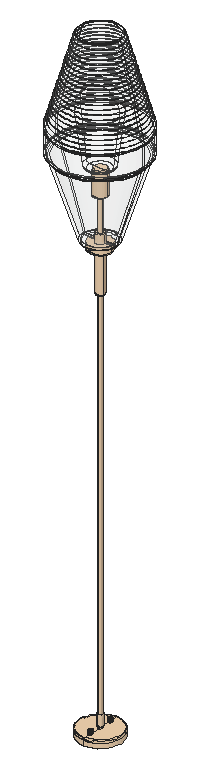
Revit family "Light_Fixture-Pendant-KOHLER-Simplice-K-42195_1", category Lighting Fixtures, host Face, Revit 2021 (continued)
Definition of nested family "K-42195_Tube"
  Automatic sketch dimensions
    Extrusion 30 sketch curve to Extrusion 30 sketch curve = 0.01207"
    Extrusion 30 sketch curve to Extrusion 30 sketch curve = 0.02414"
    Extrusion 30 sketch curve to Extrusion 30 sketch curve = 0.057"
    Extrusion 30 sketch curve to Extrusion 30 sketch curve = 0"
    Extrusion 30 sketch curve to Extrusion 30 sketch curve = 0.0285"
    plane 3 "Light Source Axis (L/R)" to Extrusion 31 sketch curve = 0.08951"
    Extrusion 31 sketch curve to plane 13 = 0.17471"
    Extrusion 31 sketch curve to Extrusion 31 sketch curve = 0.01207"
    Extrusion 31 sketch curve to Extrusion 31 sketch curve = 0.02414"
    Extrusion 31 sketch curve to Extrusion 31 sketch curve = 0.057"
    Extrusion 31 sketch curve to Extrusion 31 sketch curve = 0"
    Extrusion 31 sketch curve to Extrusion 31 sketch curve = 0.0285"
    plane 3 "Light Source Axis (L/R)" to Extrusion 32 sketch curve = 0.1342"
    Extrusion 32 sketch curve to plane 13 = 0.14327"
    Extrusion 32 sketch curve to Extrusion 32 sketch curve = 0.01207"
    Extrusion 32 sketch curve to Extrusion 32 sketch curve = 0.02414"
    Extrusion 32 sketch curve to Extrusion 32 sketch curve = 0.057"
    Extrusion 32 sketch curve to Extrusion 32 sketch curve = 0"
    Extrusion 32 sketch curve to Extrusion 32 sketch curve = 0.0285"
    Extrusion 33 sketch curve to plane 13 = 0.10502"
    plane 3 "Light Source Axis (L/R)" to Extrusion 33 sketch curve = 0.16585"
    Extrusion 33 sketch curve to Extrusion 33 sketch curve = 0.01207"
    Extrusion 33 sketch curve to Extrusion 33 sketch curve = 0.02414"
    Extrusion 33 sketch curve to Extrusion 33 sketch curve = 0.057"
    Extrusion 33 sketch curve to Extrusion 33 sketch curve = 0"
    Extrusion 33 sketch curve to Extrusion 33 sketch curve = 0.0285"
    Extrusion 34 sketch curve to plane 13 = 0.05524"
    plane 3 "Light Source Axis (L/R)" to Extrusion 34 sketch curve = 0.18838"
    Extrusion 34 sketch curve to Extrusion 34 sketch curve = 0.01207"
    Extrusion 34 sketch curve to Extrusion 34 sketch curve = 0.02414"
    Extrusion 34 sketch curve to Extrusion 34 sketch curve = 0.057"
    Extrusion 34 sketch curve to Extrusion 34 sketch curve = 0"
    Extrusion 34 sketch curve to Extrusion 34 sketch curve = 0.0285"
    Extrusion 35 sketch curve to plane 13 = 0.00579"
    plane 3 "Light Source Axis (L/R)" to Extrusion 35 sketch curve = 0.19622"
    Extrusion 35 sketch curve to Extrusion 35 sketch curve = 0.01207"
    Extrusion 35 sketch curve to Extrusion 35 sketch curve = 0.02414"
    Extrusion 35 sketch curve to Extrusion 35 sketch curve = 0.057"
    Extrusion 35 sketch curve to Extrusion 35 sketch curve = 0"
    Extrusion 35 sketch curve to Extrusion 35 sketch curve = 0.0285"
    plane 13 to Extrusion 36 sketch curve = 0.04852"
    plane 3 "Light Source Axis (L/R)" to Extrusion 36 sketch curve = 0.19022"
    Extrusion 36 sketch curve to Extrusion 36 sketch curve = 0.01207"
    Extrusion 36 sketch curve to Extrusion 36 sketch curve = 0.02414"
    Extrusion 36 sketch curve to Extrusion 36 sketch curve = 0.057"
    Extrusion 36 sketch curve to Extrusion 36 sketch curve = 0"
    Extrusion 36 sketch curve to Extrusion 36 sketch curve = 0.0285"
    plane 13 to Extrusion 37 sketch curve = 0.10617"
    plane 3 "Light Source Axis (L/R)" to Extrusion 37 sketch curve = 0.16512"
    Extrusion 37 sketch curve to Extrusion 37 sketch curve = 0.01207"
    Extrusion 37 sketch curve to Extrusion 37 sketch curve = 0.02414"
    Extrusion 37 sketch curve to Extrusion 37 sketch curve = 0.057"
    Extrusion 37 sketch curve to Extrusion 37 sketch curve = 0"
    Extrusion 37 sketch curve to Extrusion 37 sketch curve = 0.0285"
    plane 3 "Light Source Axis (L/R)" to Extrusion 38 sketch curve = 0.12946"
    plane 13 to Extrusion 38 sketch curve = 0.14757"
    Extrusion 38 sketch curve to Extrusion 38 sketch curve = 0.01207"
    Extrusion 38 sketch curve to Extrusion 38 sketch curve = 0.02414"
    Extrusion 38 sketch curve to Extrusion 38 sketch curve = 0.057"
    Extrusion 38 sketch curve to Extrusion 38 sketch curve = 0"
    Extrusion 38 sketch curve to Extrusion 38 sketch curve = 0.0285"
    plane 3 "Light Source Axis (L/R)" to Extrusion 39 sketch curve = 0.08792"
    plane 13 to Extrusion 39 sketch curve = 0.17552"
    Extrusion 39 sketch curve to Extrusion 39 sketch curve = 0.01207"
    Extrusion 39 sketch curve to Extrusion 39 sketch curve = 0.02414"
    Extrusion 39 sketch curve to Extrusion 39 sketch curve = 0.057"
    Extrusion 39 sketch curve to Extrusion 39 sketch curve = 0"
    Extrusion 39 sketch curve to Extrusion 39 sketch curve = 0.0285"
    plane 3 "Light Source Axis (L/R)" to Extrusion 40 sketch curve = 0.03613"
    plane 13 to Extrusion 40 sketch curve = 0.19296"
    Extrusion 40 sketch curve to Extrusion 40 sketch curve = 0.01207"
    Extrusion 40 sketch curve to Extrusion 40 sketch curve = 0.02414"
    Extrusion 40 sketch curve to Extrusion 40 sketch curve = 0.057"
    Extrusion 40 sketch curve to Extrusion 40 sketch curve = 0"
    Extrusion 40 sketch curve to Extrusion 40 sketch curve = 0.0285"
    Extrusion 41 sketch curve to plane 3 "Light Source Axis (L/R)" = 0.01343"
    plane 13 to Extrusion 41 sketch curve = 0.19585"
    Extrusion 41 sketch curve to Extrusion 41 sketch curve = 0.01207"
    Extrusion 41 sketch curve to Extrusion 41 sketch curve = 0.02414"
    Extrusion 41 sketch curve to Extrusion 41 sketch curve = 0.057"
    Extrusion 41 sketch curve to Extrusion 41 sketch curve = 0"
    Extrusion 41 sketch curve to Extrusion 41 sketch curve = 0.0285"
    Extrusion 42 sketch curve to plane 3 "Light Source Axis (L/R)" = 0.0669"
    plane 13 to Extrusion 42 sketch curve = 0.18456"
    Extrusion 42 sketch curve to Extrusion 42 sketch curve = 0.01207"
    Extrusion 42 sketch curve to Extrusion 42 sketch curve = 0.02414"
    Extrusion 42 sketch curve to Extrusion 42 sketch curve = 0.057"
    Extrusion 42 sketch curve to Extrusion 42 sketch curve = 0"
    Extrusion 42 sketch curve to Extrusion 42 sketch curve = 0.0285"
    Extrusion 43 sketch curve to plane 3 "Light Source Axis (L/R)" = 0.11141"
    plane 13 to Extrusion 43 sketch curve = 0.16164"
    Extrusion 43 sketch curve to Extrusion 43 sketch curve = 0.01207"
    Extrusion 43 sketch curve to Extrusion 43 sketch curve = 0.02414"
    Extrusion 43 sketch curve to Extrusion 43 sketch curve = 0.057"
    Extrusion 43 sketch curve to Extrusion 43 sketch curve = 0"
    Extrusion 43 sketch curve to Extrusion 43 sketch curve = 0.0285"
    plane 13 to Extrusion 44 sketch curve = 0.12467"
    Extrusion 44 sketch curve to plane 3 "Light Source Axis (L/R)" = 0.15164"
    Extrusion 44 sketch curve to Extrusion 44 sketch curve = 0.01207"
    Extrusion 44 sketch curve to Extrusion 44 sketch curve = 0.02414"
    Extrusion 44 sketch curve to Extrusion 44 sketch curve = 0.057"
    Extrusion 44 sketch curve to Extrusion 44 sketch curve = 0"
    Extrusion 44 sketch curve to Extrusion 44 sketch curve = 0.0285"
    plane 13 to Extrusion 45 sketch curve = 0.08312"
    Extrusion 45 sketch curve to plane 3 "Light Source Axis (L/R)" = 0.17784"
    Extrusion 45 sketch curve to Extrusion 45 sketch curve = 0.01207"
    Extrusion 45 sketch curve to Extrusion 45 sketch curve = 0.02414"
    Extrusion 45 sketch curve to Extrusion 45 sketch curve = 0.057"
    Extrusion 45 sketch curve to Extrusion 45 sketch curve = 0"
    Extrusion 45 sketch curve to Extrusion 45 sketch curve = 0.0285"
    plane 13 to Extrusion 46 sketch curve = 0.03088"
    Extrusion 46 sketch curve to plane 3 "Light Source Axis (L/R)" = 0.19387"
    Extrusion 46 sketch curve to Extrusion 46 sketch curve = 0.01207"
    Extrusion 46 sketch curve to Extrusion 46 sketch curve = 0.02414"
    Extrusion 46 sketch curve to Extrusion 46 sketch curve = 0.057"
    Extrusion 46 sketch curve to Extrusion 46 sketch curve = 0"
    Extrusion 46 sketch curve to Extrusion 46 sketch curve = 0.0285"
    Extrusion 47 sketch curve to plane 13 = 0.01917"
    Extrusion 47 sketch curve to plane 3 "Light Source Axis (L/R)" = 0.19537"
    Extrusion 47 sketch curve to Extrusion 47 sketch curve = 0.01207"
    Extrusion 47 sketch curve to Extrusion 47 sketch curve = 0.02414"
    Extrusion 47 sketch curve to Extrusion 47 sketch curve = 0.057"
    Extrusion 47 sketch curve to Extrusion 47 sketch curve = 0"
    Extrusion 47 sketch curve to Extrusion 47 sketch curve = 0.0285"
    Extrusion 48 sketch curve to plane 13 = 0.07228"
    Extrusion 48 sketch curve to plane 3 "Light Source Axis (L/R)" = 0.18252"
    Extrusion 48 sketch curve to Extrusion 48 sketch curve = 0.01207"
    Extrusion 48 sketch curve to Extrusion 48 sketch curve = 0.02414"
    Extrusion 48 sketch curve to Extrusion 48 sketch curve = 0.057"
    Extrusion 48 sketch curve to Extrusion 48 sketch curve = 0"
    Extrusion 48 sketch curve to Extrusion 48 sketch curve = 0.0285"
    Extrusion 49 sketch curve to plane 13 = 0.11576"
    Extrusion 49 sketch curve to plane 3 "Light Source Axis (L/R)" = 0.15855"
    Extrusion 49 sketch curve to Extrusion 49 sketch curve = 0.01207"
    Extrusion 49 sketch curve to Extrusion 49 sketch curve = 0.02414"
    Extrusion 49 sketch curve to Extrusion 49 sketch curve = 0.057"
    Extrusion 49 sketch curve to Extrusion 49 sketch curve = 0"
    Extrusion 49 sketch curve to Extrusion 49 sketch curve = 0.0285"
    Extrusion 50 sketch curve to plane 3 "Light Source Axis (L/R)" = 0.1205"
    Extrusion 50 sketch curve to plane 13 = 0.15497"
    Extrusion 50 sketch curve to Extrusion 50 sketch curve = 0.01207"
    Extrusion 50 sketch curve to Extrusion 50 sketch curve = 0.02414"
    Extrusion 50 sketch curve to Extrusion 50 sketch curve = 0.057"
    Extrusion 50 sketch curve to Extrusion 50 sketch curve = 0"
    Extrusion 50 sketch curve to Extrusion 50 sketch curve = 0.0285"
    Extrusion 51 sketch curve to plane 3 "Light Source Axis (L/R)" = 0.07738"
    Extrusion 51 sketch curve to plane 13 = 0.18042"
    Extrusion 51 sketch curve to Extrusion 51 sketch curve = 0.01207"
    Extrusion 51 sketch curve to Extrusion 51 sketch curve = 0.02414"
    Extrusion 51 sketch curve to Extrusion 51 sketch curve = 0.057"
    Extrusion 51 sketch curve to Extrusion 51 sketch curve = 0"
    Extrusion 51 sketch curve to Extrusion 51 sketch curve = 0.0285"
    plane 1 "Light Source Axis (F/B)" to Extrusion 52 sketch curve = 0"
    Extrusion 52 sketch curve to plane 3 "Light Source Axis (L/R)" = 0"
    Revolve 2 sketch curve to plane 12 = 0"  (x2)
    Revolve 2 sketch curve to plane 7 = 0"
    Revolve 2 sketch curve to Revolve 2 sketch curve = 0.19631"
    plane 7 to Revolve 2 sketch curve = 0.34439"
    plane 7 to Revolve 2 sketch curve = 0.23596"
    Revolve 2 sketch curve to Revolve 2 sketch curve = 0.21023"
    Revolve 28 sketch curve to plane 7 = 0"
    Revolve 28 sketch curve to plane 13 = 0"  (x2)
    Revolve 28 sketch curve to Revolve 28 sketch curve = 0.19631"
    plane 7 to Revolve 28 sketch curve = 0.35282"
    plane 7 to Revolve 28 sketch curve = 0.23596"
    Revolve 28 sketch curve to Revolve 28 sketch curve = 0.2018"
    Masking region 2 sketch curve to plane 18 = 0"
    Masking region 2 sketch curve to plane 7 = 0"  (x4)
    Masking region 2 sketch curve to plane 13 = 0"
    Masking region 2 sketch curve to plane 9 = 0"
    Masking region 2 sketch curve to plane 1 "Light Source Axis (F/B)" = 0"  (x2)
    Masking region 2 sketch curve to level = 0"
    Masking region 2 sketch curve to plane 12 = 0"
    Masking region 2 sketch curve to plane 5 = 0"
    Masking region 2 sketch curve to plane 18 = 0.05906"
    plane 7 to Masking region 2 sketch curve = 0.05997"  (x4)
    Masking region 2 sketch curve to plane 13 = 0.19703"
    Masking region 2 sketch curve to Masking region 2 sketch curve = 0.02796"  (x3)
    Masking region 2 sketch curve to Masking region 2 sketch curve = 0.03172"  (x3)
    plane 13 to Masking region 2 sketch curve = 0.16531"
    plane 13 to Masking region 2 sketch curve = 0.16907"
    plane 1 "Light Source Axis (F/B)" to Masking region 2 sketch curve = 0.35534"
    Masking region 2 sketch curve to Masking region 2 sketch curve = 0.11124"  (x2)
    plane 1 "Light Source Axis (F/B)" to Masking region 2 sketch curve = 0.20303"
    Masking region 2 sketch curve to plane 1 "Light Source Axis (F/B)" = 0.19765"
    Masking region 2 sketch curve to Masking region 2 sketch curve = 0.24409"
    Masking region 2 sketch curve to plane 1 "Light Source Axis (F/B)" = 0.24409"
    Masking region 2 sketch curve to Masking region 2 sketch curve = 0.15769"
    plane 12 to Masking region 2 sketch curve = 0.19703"
    Masking region 2 sketch curve to Masking region 2 sketch curve = 0.16531"
    Masking region 2 sketch curve to plane 12 = 0.16907"
    Masking region 2 sketch curve to Masking region 2 sketch curve = 0.05906"
    Masking region 2 sketch curve to Masking region 2 sketch curve = 0.09843"  (x2)
    plane 7 to Masking region 2 sketch curve = 0.15123"
    plane 7 to Masking region 2 sketch curve = 0.15132"
    Masking region 2 sketch curve to Masking region 2 sketch curve = 0.23281"  (x4)
    Masking region 2 sketch curve to Masking region 2 sketch curve = 0.04484"  (x2)
    Masking region 2 sketch curve to Masking region 2 sketch curve = 0"
    Revolve 1 sketch curve to level = 0"
    Revolve 1 sketch curve to plane 1 "Light Source Axis (F/B)" = 0"  (x2)
    Revolve 1 sketch curve to plane 7 = 0"  (x2)
    Revolve 1 sketch curve to plane 5 = 0"
    Revolve 1 sketch curve to plane 1 "Light Source Axis (F/B)" = 0.14991"
    Revolve 1 sketch curve to Revolve 1 sketch curve = 0.18701"
    Revolve 1 sketch curve to Revolve 1 sketch curve = 0.04921"
    Revolve 1 sketch curve to Revolve 1 sketch curve = 0.14537"
    Revolve 1 sketch curve to plane 5 = 0.05906"
    Revolve 1 sketch curve to Revolve 1 sketch curve = 0.19685"
    plane 7 to Revolve 1 sketch curve = 0.12373"  (x2)
    Revolve 1 sketch curve to level = 0.17798"
    Revolve 1 sketch curve to Revolve 1 sketch curve = 0.69163"
    Masking region 1 sketch curve to level = 0"
    Masking region 1 sketch curve to plane 6 = 0"
    Masking region 1 sketch curve to plane 7 = 0"  (x2)
    Masking region 1 sketch curve to plane 3 "Light Source Axis (L/R)" = 0"  (x2)
    plane 16 to Masking region 1 sketch curve = 0"
    plane 6 to Masking region 1 sketch curve = 0.05906"
    Masking region 1 sketch curve to plane 3 "Light Source Axis (L/R)" = 0.36124"
    Masking region 1 sketch curve to plane 3 "Light Source Axis (L/R)" = 0.26222"
    Masking region 1 sketch curve to Masking region 1 sketch curve = 0.11124"
    Masking region 1 sketch curve to Masking region 1 sketch curve = 0.14588"  (x2)
    plane 3 "Light Source Axis (L/R)" to Masking region 1 sketch curve = 0.21536"
    plane 3 "Light Source Axis (L/R)" to Masking region 1 sketch curve = 1/4"
    Masking region 1 sketch curve to Masking region 1 sketch curve = 3/64"
    plane 16 to Masking region 1 sketch curve = 0.05906"
    Masking region 1 sketch curve to Masking region 1 sketch curve = 0.09819"  (x2)
    Masking region 1 sketch curve to Masking region 1 sketch curve = 0.12052"  (x2)
    Revolve 1 sketch curve to Revolve 1 sketch curve = 1.11809"
    plane 7 to Revolve 3 sketch curve = 1.33254"
    Revolve 3 sketch curve to Revolve 3 sketch curve = 0.15658"
    Masking region 1 sketch curve to Masking region 1 sketch curve = 1.15866"
    Masking region 1 sketch curve to Masking region 1 sketch curve = 0"
    Masking region 2 sketch curve to Masking region 2 sketch curve = 1.07778"
    curve 1 to plane 6 = 0"
    curve 2 to plane 7 = 0"
    curve 25 to plane 3 "Light Source Axis (L/R)" = 0"
    curve 48 to plane 3 "Light Source Axis (L/R)" = 0"
    plane 20 to curve 6 = 0"
    plane 16 to curve 1 = 0"
    curve 88 to plane 7 = 0"
    plane 19 to curve 95 = 0.05375"
    curve 4 to curve 7 = 0.0099"
    curve 7 to curve 95 = 0.01228"
    curve 7 to curve 23 = 0.01259"
    curve 23 to curve 8 = 0.00308"
    curve 8 to curve 9 = 0.01581"
    curve 17 to curve 24 = 0.00308"
    curve 19 to curve 10 = 0.00758"
    curve 24 to curve 14 = 0.00758"
    curve 14 to curve 18 = 0.00501"
    curve 22 to curve 16 = 0.00039"
    curve 18 to curve 12 = 0.00039"
    curve 12 to curve 29 = 0.00606"
    curve 29 to curve 11 = 0.01666"
    curve 42 to curve 15 = 0.01666"
    plane 7 to curve 28 = 0.00728"
    curve 15 to curve 28 = 0.00133"
    curve 11 to curve 19 = 0.00643"
    curve 15 to curve 21 = 0.00643"
    curve 19 to curve 32 = 0.00119"
    curve 32 to curve 38 = 0.0056"
    curve 43 to curve 42 = 0.0056"
    curve 38 to curve 26 = 0.0088"
    curve 42 to curve 45 = 0.0088"
    curve 28 to curve 30 = 0.02483"
    curve 45 to curve 33 = 0.0084"
    curve 33 to curve 20 = 0.00413"
    curve 44 to curve 22 = 0.00413"
    curve 20 to curve 31 = 0.00289"
    curve 22 to curve 43 = 0.00289"
    curve 43 to curve 17 = 0.00088"
    curve 31 to curve 13 = 0.00088"
    curve 43 to curve 44 = 0.0199"
    curve 13 to curve 27 = 0.01902"
    curve 31 to curve 41 = 0.03145"
    curve 27 to curve 34 = 0.00349"
    curve 34 to curve 46 = 0.00101"
    curve 34 to curve 40 = 0.00101"
    curve 40 to curve 35 = 0.00182"
    curve 35 to curve 88 = 0.01544"
    curve 39 to plane 3 "Light Source Axis (L/R)" = 0.02432"
    curve 39 to curve 67 = 0.0017"
    curve 88 to curve 36 = 0.01724"
    curve 36 to curve 37 = 0.00401"
    curve 48 to curve 47 = 0.0059"
    plane 3 "Light Source Axis (L/R)" to curve 87 = 0.00985"
    plane 3 "Light Source Axis (L/R)" to curve 79 = 0.01575"
    curve 79 to curve 78 = 0.00401"
    curve 78 to curve 89 = 0.00053"
    curve 89 to curve 25 = 0.00233"
    curve 78 to curve 48 = 0.01724"
    curve 48 to curve 77 = 0.01544"
    curve 77 to curve 81 = 0.00182"
    curve 87 to curve 86 = 0.00182"
    curve 86 to curve 76 = 0.00101"
    curve 85 to curve 84 = 0.00349"
    curve 76 to curve 69 = 0.00349"
    curve 69 to curve 55 = 0.01902"
    curve 84 to curve 59 = 0.01902"
    curve 55 to curve 73 = 0.00088"
    curve 59 to curve 83 = 0.00088"
    curve 83 to curve 64 = 0.00289"
    curve 73 to curve 62 = 0.00289"
    curve 83 to curve 75 = 0.00702"
    curve 69 to curve 72 = 0.00426"
    curve 75 to curve 85 = 0.0084"
    curve 75 to curve 68 = 0.0084"
    curve 68 to curve 80 = 0.0088"
    curve 85 to curve 82 = 0.0088"
    curve 80 to curve 74 = 0.0056"
    curve 74 to curve 61 = 0.00119"
    curve 83 to curve 63 = 0.00119"
    curve 73 to curve 70 = 0.02483"
    curve 73 to curve 53 = 0.00762"
    curve 83 to curve 57 = 0.00762"
    curve 53 to curve 71 = 0.01666"
    curve 71 to curve 54 = 0.00606"
    curve 82 to curve 58 = 0.00606"
    curve 58 to curve 60 = 0.00039"
    curve 64 to curve 56 = 0.00501"
    curve 60 to curve 52 = 0.00501"
    curve 56 to curve 66 = 0.00758"
    curve 66 to curve 51 = 0.00308"
    curve 51 to curve 50 = 0.01581"
    curve 50 to curve 65 = 0.00308"
    curve 65 to curve 97 = 0.0003"
    curve 65 to curve 49 = 0.01259"
    curve 56 to curve 98 = 0.0099"
    plane 7 to curve 70 = 0.00728"
    plane 7 to curve 30 = 0.00871"
    plane 7 to curve 72 = 0.00871"
    plane 7 to curve 44 = 0.02489"
    plane 7 to curve 84 = 0.02489"
    curve 84 to curve 76 = 0.00361"
    curve 44 to curve 34 = 0.00361"
    curve 75 to curve 82 = 0.00581"
    curve 33 to curve 42 = 0.00581"
    curve 78 to curve 79 = 0.00869"
    curve 36 to curve 37 = 0.00869"
    curve 33 to curve 45 = 0.00011"
    curve 75 to curve 85 = 0.00011"
    plane 7 to curve 98 = 0.03443"
    plane 7 to curve 4 = 0.03443"
    curve 47 to curve 48 = 0.0029"
    curve 87 to curve 88 = 0.0029"
    curve 84 to curve 83 = 0.00757"
    curve 44 to curve 43 = 0.00757"
    curve 43 to curve 22 = 0.00193"
    curve 57 to curve 83 = 0.00085"
    curve 82 to curve 58 = 0.00369"
    curve 51 to curve 58 = 0"
    curve 4 to curve 7 = 0.00396"
    curve 8 to curve 7 = 0"
    curve 9 to curve 18 = 0"
    curve 23 to curve 16 = 0"
    curve 24 to curve 17 = 0"
    curve 5 to curve 49 = 0.00396"
    curve 60 to curve 58 = 0"
    curve 66 to curve 59 = 0"
    curve 83 to curve 63 = 0.00631"
    curve 64 to curve 56 = 0.00716"
    curve 18 to curve 14 = 0.00716"
    curve 32 to curve 21 = 0.00631"
    curve 21 to curve 19 = 0.20831"
    curve 56 to curve 52 = 0.20831"
    curve 61 to curve 52 = 0"
    curve 10 to curve 19 = 0"
    curve 61 to curve 25 = 0.00553"
    curve 67 to curve 25 = 0"
    curve 10 to curve 4 = 0.00581"
    curve 19 to curve 32 = 0.00634"
    curve 61 to curve 74 = 0.00634"
    curve 25 to curve 79 = 0.0014"
    curve 10 to curve 12 = 0.00716"
    curve 32 to curve 20 = 0.00082"
    curve 73 to curve 53 = 0.00082"
    curve 13 to curve 20 = 0"
    curve 52 to curve 51 = 0.00716"
    curve 50 to curve 53 = 0"
    curve 49 to curve 65 = 0"
    curve 60 to curve 54 = 0"
    curve 23 to curve 12 = 0"
    curve 24 to curve 9 = 0"
    curve 4 to curve 7 = 0.00135"
    curve 66 to curve 55 = 0"
    curve 62 to curve 68 = 0.00073"
    curve 20 to curve 26 = 0.00073"
    curve 25 to curve 89 = 0.00244"
    curve 13 to curve 35 = 0.00081"
    curve 78 to curve 89 = 0"
    curve 67 to curve 36 = 0.00244"
    curve 54 to curve 71 = 0.00081"
    curve 32 to curve 38 = 0.00164"
    curve 20 to curve 33 = 0.00083"
    curve 62 to curve 75 = 0.00083"
    curve 40 to curve 34 = 0.0004"
    curve 81 to curve 76 = 0.0004"
    curve 13 to curve 31 = 0.00196"
    curve 55 to curve 73 = 0.00196"
    curve 76 to curve 69 = 0.00361"
    curve 26 to curve 27 = 0.00361"
    curve 52 to curve 97 = 0.00325"
    curve 27 to curve 41 = 0.01702"
    curve 2 to plane 19 = 0.05779"
    curve 6 to plane 19 = 0.02309"
    curve 105 to plane 19 = 0.01222"
    curve 96 to curve 14 = 0.00129"
    curve 41 to curve 39 = 0"
    curve 57 to curve 98 = 0.00129"
    curve 106 to plane 20 = 0.01222"
    curve 2 to plane 20 = 0.03276"
    curve 1 to plane 7 = 0.05906"
    curve 5 to curve 106 = 0.08609"
    curve 7 to curve 105 = 0.08213"
    curve 97 to curve 52 = 0.00135"
    curve 97 to curve 5 = 0.00215"
    curve 3 to curve 6 = 1.12308"
    curve 93 to plane 7 = 0"
    curve 238 to plane 13 = 0"
    curve 237 to plane 13 = 0"
    curve 92 to plane 7 = 0"
    curve 92 to plane 22 = 0"
    curve 92 to plane 21 = 0"
    curve 91 to plane 7 = 0"
    curve 170 to plane 12 = 0"
    curve 172 to plane 12 = 0"
    curve 174 to plane 13 = 0.01486"
    curve 175 to curve 174 = 0.00815"
    curve 177 to plane 13 = 0.02756"
    curve 178 to curve 174 = 0.03219"
    plane 7 to curve 184 = 0.01386"
    curve 184 to curve 175 = 0.03015"
    curve 181 to curve 176 = 0.03015"
    curve 183 to curve 180 = 0.02404"
    plane 7 to curve 189 = 0.01386"
    curve 189 to curve 180 = 0.02896"
    curve 187 to curve 181 = 0.02896"
    curve 188 to curve 185 = 0.02404"
    plane 7 to curve 194 = 0.01386"
    curve 194 to curve 185 = 0.02871"
    curve 191 to curve 186 = 0.02871"
    curve 193 to curve 190 = 0.02404"
    plane 7 to curve 199 = 0.01386"
    curve 199 to curve 190 = 0.02965"
    curve 196 to curve 191 = 0.02965"
    curve 198 to curve 195 = 0.02404"
    curve 201 to curve 196 = 0.01971"
    curve 201 to curve 197 = 0.00583"
    plane 7 to curve 204 = 0.06542"
    curve 204 to curve 198 = 0.02987"
    plane 13 to curve 205 = 0.01486"
    plane 13 to curve 210 = 0.02301"
    plane 13 to curve 208 = 0.02756"
    curve 206 to curve 208 = 0.02404"
    plane 7 to curve 215 = 0.01386"
    curve 206 to curve 215 = 0.03015"
    curve 207 to curve 212 = 0.03015"
    curve 209 to curve 215 = 0.03015"
    curve 213 to curve 216 = 0.00491"
    curve 212 to curve 218 = 0.02896"
    curve 214 to curve 219 = 0.02896"
    plane 7 to curve 225 = 0.01386"
    curve 216 to curve 225 = 0.02871"
    curve 217 to curve 222 = 0.02871"
    curve 221 to curve 224 = 0.02404"
    plane 7 to curve 230 = 0.01386"
    curve 221 to curve 230 = 0.02965"
    curve 222 to curve 227 = 0.02965"
    plane 7 to curve 230 = 0.06542"
    curve 224 to curve 230 = 0.02965"
    curve 227 to curve 233 = 0.01971"
    curve 228 to curve 231 = 0.00583"
    curve 231 to curve 233 = 0.02404"
    plane 7 to curve 169 = 0.06542"
    plane 12 to curve 169 = 0.19439"
    plane 7 to curve 169 = 0.01386"
    curve 168 to curve 169 = 0.02404"
    curve 165 to curve 167 = 0.00562"
    curve 168 to curve 163 = 0.02987"
    curve 166 to curve 161 = 0.01971"
    plane 7 to curve 160 = 0.01386"
    curve 165 to curve 160 = 0.02987"
    curve 160 to curve 158 = 0.00561"
    curve 161 to curve 157 = 0.02965"
    curve 157 to curve 155 = 0.02404"
    curve 155 to curve 152 = 0.00467"
    curve 156 to curve 151 = 0.02871"
    curve 152 to curve 150 = 0.02404"
    curve 150 to curve 148 = 0.00491"
    curve 151 to curve 146 = 0.02896"
    curve 147 to curve 146 = 0.02404"
    curve 145 to curve 142 = 0.00611"
    plane 12 to curve 141 = 0.02756"
    plane 12 to curve 141 = 0.02301"
    curve 140 to curve 171 = 0.00815"
    curve 172 to plane 12 = 0.01486"
    curve 100 to curve 101 = 0.00815"
    curve 101 to curve 107 = 0.00147"
    curve 103 to plane 12 = 0.02756"
    curve 100 to curve 104 = 0.03219"
    curve 101 to curve 109 = 0.03015"
    plane 7 to curve 113 = 0.01701"
    curve 109 to curve 113 = 0.00147"
    curve 102 to curve 111 = 0.03015"
    curve 109 to curve 112 = 0.02404"
    curve 111 to curve 115 = 0.00491"
    plane 7 to curve 120 = 0.01701"
    curve 115 to curve 120 = 0.00147"
    curve 110 to curve 116 = 0.02896"
    curve 112 to curve 120 = 0.02896"
    plane 7 to curve 125 = 0.0299"
    curve 115 to curve 125 = 0.02871"
    plane 7 to curve 125 = 0.01701"
    curve 121 to curve 125 = 0.00147"
    curve 116 to curve 123 = 0.02871"
    curve 121 to curve 124 = 0.02404"
    curve 121 to curve 127 = 0.02965"
    plane 7 to curve 132 = 0.01701"
    curve 127 to curve 132 = 0.00147"
    curve 122 to curve 128 = 0.02965"
    curve 124 to curve 130 = 0.02965"
    curve 128 to curve 135 = 0.01971"
    curve 129 to curve 133 = 0.00583"
    plane 7 to curve 137 = 0.01701"
    curve 133 to curve 137 = 0.00147"
    curve 133 to curve 136 = 0.02404"
    plane 7 to curve 238 = 0.01275"
    plane 7 to curve 173 = 0.01275"
    plane 7 to curve 155 = 0.01386"
    plane 7 to curve 220 = 0.01386"
    plane 7 to curve 206 = 0.01386"
    plane 7 to curve 179 = 0.01386"
    plane 7 to curve 154 = 0.01386"
    plane 7 to curve 149 = 0.01386"
    plane 7 to curve 144 = 0.01386"
    plane 7 to curve 231 = 0.01386"
    plane 7 to curve 108 = 0.01701"
    curve 113 to curve 113 = 0.01289"
    curve 107 to curve 107 = 0.01289"
    curve 131 to curve 127 = 0.01289"
    curve 119 to curve 119 = 0.01289"
    curve 137 to curve 133 = 0.01289"
    curve 101 to curve 100 = 0.02367"
    curve 206 to curve 205 = 0.03971"
    curve 174 to curve 205 = 0"
    curve 139 to curve 100 = 0"
    curve 205 to curve 209 = 0.01184"
    curve 133 to curve 136 = 0.03551"
    curve 203 to curve 199 = 0"
    curve 132 to curve 136 = 0"
    curve 221 to curve 220 = 0.05156"
    curve 229 to curve 235 = 0"
    curve 100 to curve 104 = 0.01184"
    curve 174 to curve 178 = 0.01184"
    curve 139 to curve 143 = 0.01184"
    curve 104 to curve 114 = 0"
    curve 215 to curve 219 = 0"
    curve 112 to curve 118 = 0"
    curve 219 to curve 224 = 0"
    curve 118 to curve 126 = 0"
    curve 148 to curve 143 = 0"
    curve 190 to curve 188 = 0.05156"
    curve 194 to curve 188 = 0"
    curve 188 to curve 183 = 0"
    curve 168 to curve 164 = 0"
    curve 153 to curve 148 = 0"
    curve 158 to curve 153 = 0"
    curve 158 to curve 157 = 0.22595"
    curve 193 to curve 192 = 0.22595"
    curve 162 to curve 157 = 0"
    curve 168 to curve 162 = 0"
    curve 157 to curve 111 = 0"
    curve 157 to curve 153 = 0"
    curve 229 to curve 228 = 0.22595"
    curve 152 to curve 148 = 0"
    curve 224 to curve 228 = 0"
    curve 147 to curve 142 = 0"
    curve 197 to curve 192 = 0"
    curve 104 to curve 111 = 0"
    curve 111 to curve 136 = 0"
    curve 192 to curve 188 = 0"
    curve 111 to curve 117 = 0"
    curve 209 to curve 223 = 0"
    curve 218 to curve 223 = 0"
    curve 130 to curve 135 = 0"
    curve 187 to curve 177 = 0"
    curve 228 to curve 233 = 0"
    curve 214 to curve 218 = 0"
    curve 117 to curve 124 = 0"
    curve 202 to curve 197 = 0"
    curve 187 to curve 182 = 0"
    curve 177 to curve 180 = 0.0019"
    curve 182 to curve 185 = 0.0019"
    curve 177 to curve 176 = 0.0019"
    curve 218 to curve 221 = 0.0019"
    curve 162 to curve 166 = 0.0019"
    curve 157 to curve 161 = 0.0019"
    curve 187 to curve 190 = 0.0019"
    curve 213 to curve 217 = 0.0019"
    curve 223 to curve 226 = 0.0019"
    curve 152 to curve 156 = 0.0019"
    curve 147 to curve 151 = 0.0019"
    curve 192 to curve 195 = 0.0019"
    curve 142 to curve 146 = 0.0019"
    curve 142 to curve 141 = 0.0019"
    curve 228 to curve 231 = 0.0019"
    curve 129 to curve 134 = 0.0019"
    curve 197 to curve 200 = 0.0019"
    curve 123 to curve 128 = 0.0019"
    curve 117 to curve 122 = 0.0019"
    curve 111 to curve 116 = 0.0019"
    curve 208 to curve 211 = 0.0019"
    curve 103 to curve 110 = 0.0019"
    curve 103 to curve 102 = 0.0019"
    curve 208 to curve 206 = 0.0019"
    curve 140 to curve 171 = 0.00171"
    curve 101 to curve 170 = 0.00171"
    curve 175 to curve 236 = 0.00171"
    curve 206 to curve 237 = 0.00171"
    curve 174 to curve 237 = 0.03573"
    curve 100 to curve 170 = 0.03573"
    curve 170 to curve 103 = 0.00247"
    curve 195 to curve 197 = 0.03991"
    curve 196 to curve 192 = 0"
    curve 216 to curve 217 = 0.03991"
    curve 191 to curve 187 = 0"
    curve 186 to curve 182 = 0"
    curve 236 to curve 177 = 0.00247"
    curve 102 to curve 110 = 0"
    curve 236 to curve 207 = 0.00247"
    curve 217 to curve 222 = 0"
    curve 213 to curve 217 = 0"
    curve 160 to curve 162 = 0.03991"
    curve 161 to curve 157 = 0"
    curve 222 to curve 227 = 0"
    curve 156 to curve 152 = 0"
    curve 151 to curve 147 = 0"
    curve 170 to curve 142 = 0.00247"
    curve 110 to curve 116 = 0"
    curve 116 to curve 122 = 0"
    curve 122 to curve 129 = 0"
    curve 227 to curve 232 = 0.00006"
    curve 128 to curve 134 = 0.00006"
    curve 161 to curve 166 = 0.00006"
    curve 196 to curve 202 = 0.00006"
    plane 7 to curve 204 = 0.01386"
    curve 93 to curve 200 = 0.0265"
    curve 90 to plane 18 = 0.00134"
    curve 231 to curve 93 = 0.0265"
    plane 22 to curve 99 = 0.08533"
    plane 22 to curve 94 = 0.00256"
    plane 21 to curve 94 = 0.0026"
    plane 21 to curve 99 = 0.01703"
    curve 91 to curve 165 = 0.02668"
    curve 137 to curve 91 = 0.02521"
    plane 5 to curve 90 = 0.00134"
    curve 90 to plane 7 = 0.05906"
    plane 7 to curve 94 = 0.15206"
    curve 94 to curve 99 = 1.22764"
    radius of Extrusion 52 sketch curve = 0.18403"
Definition of nested family "K-42195"
  Parameters (values of type "K-42195")
    Material = none
    Default Elevation = 0"
  Reference planes (in)
    plane 1 "Light Source Axis (F/B)": y = -8.60801
    plane 2: z = 0
    plane 3 "Light Source Axis (L/R)": x = 0
    plane 4 "Light Source Elevation": z = 17.80159
    plane 5: z = 0
    plane 6: x = -5
    plane 7: x = 5
    plane 8: y = -3.60801
    plane 9: y = -13.60801
    plane 10: z = 26.25984
    plane 11: z = 4.51181
    plane 12: z = 5.25984
    plane 13: z = 0
  Forms (in)
    Revolve 1, solid, material <- "Material", detail levels medium+fine
      sketch origin (0, -8.60801, 0) x (1, 0, 0) y (0, 0, 1)
        loop
          line (0, 0) -> (0, 4.51181) -> (0, 5.25984) -> (-1.25314, 5.25984) -> (-1.25314, 4.58343)
          arc (-1.25314, 4.58343) -> (-1.23216, 4.53279) -> (-1.18152, 4.51181) r 0.07161
          line (-1.18152, 4.51181) -> (-0.44071, 4.51181) -> (-0.44071, 0.06801)
          arc (-0.44071, 0.06801) -> (-0.42079, 0.01992) -> (-0.37271, 0) r 0.06801
          line (-0.37271, 0) -> (0, 0)
        axis (0, 0) -> (0, 5.25984)
      angle from 0 to 360
    Revolve 2, solid
      sketch origin (0, -8.60801, 0) x (1, 0, 0) y (0, 0, 1)
        loop
          line (0, 5.25992) -> (0, 5.49564) -> (-1.68402, 5.49564) -> (-4.42137, 13.92035) -> (-4.78952, 14.28849) -> (-4.78952, 16.54963) -> (-1.97043, 26.25984) -> (-2.1868, 26.25984)
          arc (-2.1868, 26.25984) -> (-2.20596, 26.25191) -> (-2.21389, 26.23275) r 0.02709
          line (-2.21389, 26.23275) -> (-2.21389, 26.19138)
          arc (-2.21389, 26.19138) -> (-2.21925, 26.17246) -> (-2.23372, 26.15915) r 0.03611
          arc (-2.23372, 26.15915) -> (-2.38075, 25.98385) -> (-2.35516, 25.75648) r 0.29033
          arc (-2.35516, 25.75648) -> (-2.35343, 25.73764) -> (-2.36645, 25.72392) r 0.02291
          arc (-2.36645, 25.72392) -> (-2.51951, 25.55532) -> (-2.48352, 25.33046) r 0.2629
          arc (-2.48352, 25.33046) -> (-2.47997, 25.31009) -> (-2.49324, 25.29423) r 0.02457
          arc (-2.49324, 25.29423) -> (-2.64184, 25.12182) -> (-2.61274, 24.89607) r 0.27924
          arc (-2.61274, 24.89607) -> (-2.60994, 24.87237) -> (-2.62609, 24.85479) r 0.02861
          arc (-2.62609, 24.85479) -> (-2.77266, 24.69055) -> (-2.7373, 24.47327) r 0.25571
          arc (-2.7373, 24.47327) -> (-2.73295, 24.44926) -> (-2.74819, 24.4302) r 0.02947
          arc (-2.74819, 24.4302) -> (-2.88949, 24.26378) -> (-2.86964, 24.04635) r 0.282
          arc (-2.86964, 24.04635) -> (-2.86653, 24.01211) -> (-2.8888, 23.98593) r 0.04438
          arc (-2.8888, 23.98593) -> (-3.02065, 23.83301) -> (-3.00645, 23.6316) r 0.26491
          arc (-3.00645, 23.6316) -> (-3.00358, 23.58646) -> (-3.03382, 23.55282) r 0.05838
          arc (-3.03382, 23.55282) -> (-3.16988, 23.38704) -> (-3.1277, 23.17676) r 0.25036
          arc (-3.1277, 23.17676) -> (-3.12034, 23.14421) -> (-3.13958, 23.11694) r 0.04107
          arc (-3.13958, 23.11694) -> (-3.26758, 22.95446) -> (-3.25437, 22.74803) r 0.2893
          arc (-3.25437, 22.74803) -> (-3.25149, 22.70386) -> (-3.27875, 22.66899) r 0.06212
          arc (-3.27875, 22.66899) -> (-3.39597, 22.51259) -> (-3.37145, 22.31868) r 0.26054
          arc (-3.37145, 22.31868) -> (-3.36761, 22.28494) -> (-3.38896, 22.25854) r 0.04394
          arc (-3.38896, 22.25854) -> (-3.52345, 22.08886) -> (-3.49264, 21.87455) r 0.27378
          arc (-3.49264, 21.87455) -> (-3.48936, 21.84862) -> (-3.50661, 21.829) r 0.03179
          arc (-3.50661, 21.829) -> (-3.65102, 21.66444) -> (-3.623, 21.4473) r 0.2659
          arc (-3.623, 21.4473) -> (-3.61854, 21.41633) -> (-3.6381, 21.39191) r 0.0393
          arc (-3.6381, 21.39191) -> (-3.77509, 21.22135) -> (-3.74458, 21.00472) r 0.2755
          arc (-3.74458, 21.00472) -> (-3.74153, 20.97944) -> (-3.75863, 20.96057) r 0.03067
          arc (-3.75863, 20.96057) -> (-3.90782, 20.78756) -> (-3.86388, 20.56337) r 0.26122
          arc (-3.86388, 20.56337) -> (-3.86098, 20.54733) -> (-3.87214, 20.53546) r 0.0181
          arc (-3.87214, 20.53546) -> (-4.0268, 20.37319) -> (-3.99131, 20.15185) r 0.25237
          arc (-3.99131, 20.15185) -> (-3.98791, 20.13033) -> (-4.00305, 20.11465) r 0.02443
          arc (-4.00305, 20.11465) -> (-4.16844, 19.94103) -> (-4.12628, 19.70498) r 0.26528
          arc (-4.12628, 19.70498) -> (-4.12092, 19.67941) -> (-4.13718, 19.65896) r 0.03073
          arc (-4.13718, 19.65896) -> (-4.27623, 19.49466) -> (-4.25166, 19.28082) r 0.271
          arc (-4.25166, 19.28082) -> (-4.24809, 19.24942) -> (-4.26859, 19.22537) r 0.03968
          arc (-4.26859, 19.22537) -> (-4.40499, 19.06499) -> (-4.38049, 18.85588) r 0.26365
          arc (-4.38049, 18.85588) -> (-4.37575, 18.81996) -> (-4.398, 18.79137) r 0.04694
          arc (-4.398, 18.79137) -> (-4.52956, 18.6213) -> (-4.49961, 18.40838) r 0.27668
          arc (-4.49961, 18.40838) -> (-4.49648, 18.38171) -> (-4.51432, 18.36164) r 0.0328
          arc (-4.51432, 18.36164) -> (-4.65797, 18.19369) -> (-4.61975, 17.97601) r 0.25905
          arc (-4.61975, 17.97601) -> (-4.61604, 17.9552) -> (-4.62964, 17.93902) r 0.02493
          arc (-4.62964, 17.93902) -> (-4.77941, 17.76508) -> (-4.74724, 17.5378) r 0.27789
          arc (-4.74724, 17.5378) -> (-4.74438, 17.51589) -> (-4.75932, 17.49962) r 0.02614
          arc (-4.75932, 17.49962) -> (-4.9126, 17.32891) -> (-4.87527, 17.10254) r 0.26508
          arc (-4.87527, 17.10254) -> (-4.86995, 17.07854) -> (-4.88314, 17.05781) r 0.03213
          arc (-4.88314, 17.05781) -> (-4.98257, 16.91503) -> (-4.96641, 16.74179) r 0.25327
          arc (-4.96641, 16.74179) -> (-4.96233, 16.72257) -> (-4.96735, 16.70358) r 0.04235
          arc (-4.96735, 16.70358) -> (-4.99171, 16.64069) -> (-5, 16.57375) r 0.27444
          line (-5, 16.57375) -> (-5, 14.26147)
          arc (-5, 14.26147) -> (-4.98292, 14.18442) -> (-4.93488, 14.12181) r 0.1823
          line (-4.93488, 14.12181) -> (-4.74667, 13.96388)
          arc (-4.74667, 13.96388) -> (-4.68281, 13.89296) -> (-4.64097, 13.80718) r 0.34288
          line (-4.64097, 13.80718) -> (-1.90799, 5.39594)
          arc (-1.90799, 5.39594) -> (-1.83648, 5.29751) -> (-1.72077, 5.25992) r 0.19685
          line (-1.72077, 5.25992) -> (0, 5.25992)
        axis (0, 26.25984) -> (0, 5.25992)
      angle from 0 to 360
    Revolve 3, solid, material <- "Material"
      sketch origin (0, -8.60801, 0) x (1, 0, 0) y (0, 0, 1)
        loop
          line (-0.50867, 6.24023) -> (-0.50867, 5.25984) -> (0, 5.25984) -> (0, 12.64961) -> (-0.6503, 12.64961)
          arc (-0.6503, 12.64961) -> (-0.61206, 12.47167) -> (-0.47845, 12.34808) r 0.30176
          line (-0.47845, 12.34808) -> (-0.78838, 12.34808) -> (-0.78838, 10.03962)
          arc (-0.78838, 10.03962) -> (-0.77263, 10.00162) -> (-0.73463, 9.98587) r 0.05374
          line (-0.73463, 9.98587) -> (-0.27736, 9.98587)
          arc (-0.27736, 9.98587) -> (-0.29302, 9.93578) -> (-0.25, 9.90572) r 0.04442
          line (-0.25, 9.90572) -> (-0.25, 6.26575) -> (-0.48315, 6.26575)
          arc (-0.48315, 6.26575) -> (-0.5012, 6.25828) -> (-0.50867, 6.24023) r 0.02552
        axis (0, 5.25984) -> (0, 12.64961)
      angle from 0 to 360
    Revolve 4, solid
      sketch origin (0, -8.60801, 0) x (1, 0, 0) y (0, 0, 1)
        loop
          line (0, 12.64961) -> (0, 20.91733)
          arc (0, 20.91733) -> (-1.68352, 20.10741) -> (-2.22253, 18.31865) r 2.31754
          line (-2.22253, 18.31865) -> (-1.56891, 12.99533)
          arc (-1.56891, 12.99533) -> (-1.43902, 12.74845) -> (-1.17815, 12.64961) r 0.3937
          line (-1.17815, 12.64961) -> (0, 12.64961)
        axis (0, 12.64961) -> (0, 20.91733)
      angle from 0 to 360
    Revolve 5, solid, material <- "Material", detail levels coarse
      sketch origin (0, -8.60801, 0) x (1, 0, 0) y (0, 0, 1)
        loop
          line (0, 0) -> (0, 4.51181) -> (0, 5.25984) -> (-1.25314, 5.25984) -> (-1.25314, 4.51181) -> (-0.44071, 4.51181) -> (-0.44071, 0) -> (0, 0)
        axis (0, 0) -> (0, 5.25984)
      angle from 0 to 360
    Revolve 6, solid, material <- "Material", detail levels coarse
      sketch origin (0, -8.60801, 0) x (1, 0, 0) y (0, 0, 1)
        loop
          line (-0.50867, 6.26575) -> (-0.50867, 5.25984) -> (0, 5.25984) -> (0, 12.64961) -> (-0.6503, 12.64961)
          arc (-0.6503, 12.64961) -> (-0.61206, 12.47167) -> (-0.47845, 12.34808) r 0.30176
          line (-0.47845, 12.34808) -> (-0.78838, 12.34808) -> (-0.78838, 9.98587) -> (-0.27736, 9.98587)
          arc (-0.27736, 9.98587) -> (-0.29302, 9.93578) -> (-0.25, 9.90572) r 0.04442
          line (-0.25, 9.90572) -> (-0.25, 6.26575) -> (-0.50867, 6.26575)
        axis (0, 5.25984) -> (0, 12.64961)
      angle from 0 to 360
  Lines and regions (in)
    Masking region 1
      outline origin (0, 0, 17.80159) x (0, -1, 0) y (1, 0, 0)
        loop
          arc (3.60801, 0) -> (5.07248, -3.53553) -> (8.60801, -5) r 5
          arc (8.60801, -5) -> (12.14126, -3.53782) -> (13.60801, -0.00646) r 5
          arc (13.60801, -0.00646) -> (12.14126, 3.53136) -> (8.60155, 4.99353) r 5
          arc (8.60155, 4.99353) -> (5.07059, 3.53096) -> (3.60801, 0) r 4.99353
    Masking region 2
      outline origin (0, -8.60801, 0) x (1, 0, 0) y (0, 0, 1)
        loop
          line (0, 0) -> (0.44264, 0) -> (0.44264, 4.51181) -> (1.18881, 4.51181)
          arc (1.18881, 4.51181) -> (1.23537, 4.53109) -> (1.25465, 4.57765) r 0.06584
          line (1.25465, 4.57765) -> (1.25465, 5.25984) -> (1.72313, 5.25984)
          arc (1.72313, 5.25984) -> (1.80198, 5.28546) -> (1.85071, 5.35253) r 0.13414
          line (1.85071, 5.35253) -> (4.5884, 13.77825)
          arc (4.5884, 13.77825) -> (4.62871, 13.86569) -> (4.68831, 13.9413) r 0.40958
          line (4.68831, 13.9413) -> (4.96559, 14.21858)
          arc (4.96559, 14.21858) -> (4.99106, 14.25669) -> (5, 14.30165) r 0.11748
          line (5, 14.30165) -> (5, 16.57121)
          arc (5, 16.57121) -> (4.99379, 16.63461) -> (4.97539, 16.6956) r 0.32666
          arc (4.97539, 16.6956) -> (4.97168, 16.71378) -> (4.97496, 16.73203) r 0.04924
          arc (4.97496, 16.73203) -> (4.98445, 16.90353) -> (4.89194, 17.04826) r 0.27977
          arc (4.89194, 17.04826) -> (4.87608, 17.07566) -> (4.88199, 17.10677) r 0.0454
          arc (4.88199, 17.10677) -> (4.91256, 17.32172) -> (4.77871, 17.49268) r 0.27698
          arc (4.77871, 17.49268) -> (4.75995, 17.51603) -> (4.76305, 17.54582) r 0.03937
          arc (4.76305, 17.54582) -> (4.78563, 17.75934) -> (4.65203, 17.92741) r 0.28341
          arc (4.65203, 17.92741) -> (4.63368, 17.95007) -> (4.63595, 17.97914) r 0.03937
          arc (4.63595, 17.97914) -> (4.65371, 18.18464) -> (4.52792, 18.34811) r 0.28444
          arc (4.52792, 18.34811) -> (4.51069, 18.37014) -> (4.51244, 18.39806) r 0.03937
          arc (4.51244, 18.39806) -> (4.52868, 18.61706) -> (4.3994, 18.79457) r 0.31869
          arc (4.3994, 18.79457) -> (4.38309, 18.81777) -> (4.38661, 18.84592) r 0.03937
          arc (4.38661, 18.84592) -> (4.40801, 19.05834) -> (4.27297, 19.22369) r 0.279
          arc (4.27297, 19.22369) -> (4.25417, 19.2462) -> (4.25615, 19.27546) r 0.03937
          arc (4.25615, 19.27546) -> (4.27543, 19.48591) -> (4.15191, 19.65739) r 0.30173
          arc (4.15191, 19.65739) -> (4.13562, 19.68046) -> (4.13895, 19.7085) r 0.03937
          arc (4.13895, 19.7085) -> (4.16044, 19.92745) -> (4.02257, 20.09889) r 0.29109
          arc (4.02257, 20.09889) -> (4.00393, 20.12208) -> (4.00683, 20.1517) r 0.03937
          arc (4.00683, 20.1517) -> (4.02672, 20.36005) -> (3.89429, 20.52212) r 0.27517
          arc (3.89429, 20.52212) -> (3.8753, 20.54543) -> (3.87831, 20.57534) r 0.03937
          arc (3.87831, 20.57534) -> (3.90061, 20.78619) -> (3.76938, 20.95272) r 0.28131
          arc (3.76938, 20.95272) -> (3.75099, 20.9761) -> (3.75421, 21.00567) r 0.03937
          arc (3.75421, 21.00567) -> (3.77731, 21.21988) -> (3.64365, 21.38887) r 0.28455
          arc (3.64365, 21.38887) -> (3.62528, 21.41186) -> (3.62798, 21.44117) r 0.03937
          arc (3.62798, 21.44117) -> (3.64896, 21.65223) -> (3.5202, 21.82077) r 0.289
          arc (3.5202, 21.82077) -> (3.50237, 21.84481) -> (3.50659, 21.87444) r 0.03937
          arc (3.50659, 21.87444) -> (3.53255, 22.08883) -> (3.39314, 22.25378) r 0.27023
          arc (3.39314, 22.25378) -> (3.37298, 22.27732) -> (3.37611, 22.30817) r 0.03937
          arc (3.37611, 22.30817) -> (3.40022, 22.51597) -> (3.27109, 22.68056) r 0.27488
          arc (3.27109, 22.68056) -> (3.25305, 22.70265) -> (3.25464, 22.73112) r 0.03937
          arc (3.25464, 22.73112) -> (3.26987, 22.94798) -> (3.13952, 23.12197) r 0.31142
          arc (3.13952, 23.12197) -> (3.12219, 23.14744) -> (3.1285, 23.17759) r 0.03937
          arc (3.1285, 23.17759) -> (3.16593, 23.3903) -> (3.02773, 23.55628) r 0.25668
          arc (3.02773, 23.55628) -> (3.0072, 23.57951) -> (3.00984, 23.61039) r 0.03937
          arc (3.00984, 23.61039) -> (3.0325, 23.82376) -> (2.90051, 23.99292) r 0.28623
          arc (2.90051, 23.99292) -> (2.88297, 24.01424) -> (2.88374, 24.04184) r 0.03937
          arc (2.88374, 24.04184) -> (2.89323, 24.2559) -> (2.7653, 24.4278) r 0.31942
          arc (2.7653, 24.4278) -> (2.74926, 24.44994) -> (2.7515, 24.47719) r 0.03937
          arc (2.7515, 24.47719) -> (2.76682, 24.68805) -> (2.63782, 24.85553) r 0.29658
          arc (2.63782, 24.85553) -> (2.62055, 24.87826) -> (2.62318, 24.90668) r 0.03937
          arc (2.62318, 24.90668) -> (2.64329, 25.12457) -> (2.5109, 25.29878) r 0.30182
          arc (2.5109, 25.29878) -> (2.49361, 25.32159) -> (2.49633, 25.35008) r 0.03937
          arc (2.49633, 25.35008) -> (2.51713, 25.55989) -> (2.39155, 25.72926) r 0.29272
          arc (2.39155, 25.72926) -> (2.37521, 25.75022) -> (2.37592, 25.77679) r 0.03937
          arc (2.37592, 25.77679) -> (2.37688, 25.99208) -> (2.2336, 26.15278) r 0.30055
          arc (2.2336, 26.15278) -> (2.21803, 26.16728) -> (2.21228, 26.18776) r 0.03937
          line (2.21228, 26.18776) -> (2.21228, 26.24016)
          arc (2.21228, 26.24016) -> (2.20651, 26.25408) -> (2.19259, 26.25984) r 0.01969
          line (2.19259, 26.25984) -> (0, 26.25984) -> (-2.19259, 26.25984)
          arc (-2.19259, 26.25984) -> (-2.20651, 26.25408) -> (-2.21228, 26.24016) r 0.01969
          line (-2.21228, 26.24016) -> (-2.21228, 26.18776)
          arc (-2.21228, 26.18776) -> (-2.21803, 26.16728) -> (-2.2336, 26.15278) r 0.03937
          arc (-2.2336, 26.15278) -> (-2.37688, 25.99208) -> (-2.37592, 25.77679) r 0.30055
          arc (-2.37592, 25.77679) -> (-2.37521, 25.75022) -> (-2.39155, 25.72926) r 0.03937
          arc (-2.39155, 25.72926) -> (-2.51713, 25.55989) -> (-2.49633, 25.35008) r 0.29272
          arc (-2.49633, 25.35008) -> (-2.49361, 25.32159) -> (-2.5109, 25.29878) r 0.03937
          arc (-2.5109, 25.29878) -> (-2.64329, 25.12457) -> (-2.62318, 24.90668) r 0.30182
          arc (-2.62318, 24.90668) -> (-2.62055, 24.87826) -> (-2.63782, 24.85553) r 0.03937
          arc (-2.63782, 24.85553) -> (-2.76682, 24.68805) -> (-2.7515, 24.47719) r 0.29658
          arc (-2.7515, 24.47719) -> (-2.74926, 24.44994) -> (-2.7653, 24.4278) r 0.03937
          arc (-2.7653, 24.4278) -> (-2.89323, 24.2559) -> (-2.88374, 24.04184) r 0.31942
          arc (-2.88374, 24.04184) -> (-2.88297, 24.01424) -> (-2.90051, 23.99292) r 0.03937
          arc (-2.90051, 23.99292) -> (-3.0325, 23.82376) -> (-3.00984, 23.61039) r 0.28623
          arc (-3.00984, 23.61039) -> (-3.0072, 23.57951) -> (-3.02773, 23.55628) r 0.03937
          arc (-3.02773, 23.55628) -> (-3.16593, 23.3903) -> (-3.1285, 23.17759) r 0.25668
          arc (-3.1285, 23.17759) -> (-3.12219, 23.14744) -> (-3.13952, 23.12197) r 0.03937
          arc (-3.13952, 23.12197) -> (-3.26987, 22.94798) -> (-3.25464, 22.73112) r 0.31142
          arc (-3.25464, 22.73112) -> (-3.25305, 22.70265) -> (-3.27109, 22.68056) r 0.03937
          arc (-3.27109, 22.68056) -> (-3.40022, 22.51597) -> (-3.37611, 22.30817) r 0.27488
          arc (-3.37611, 22.30817) -> (-3.37298, 22.27732) -> (-3.39314, 22.25378) r 0.03937
          arc (-3.39314, 22.25378) -> (-3.53255, 22.08883) -> (-3.50659, 21.87444) r 0.27023
          arc (-3.50659, 21.87444) -> (-3.50237, 21.84481) -> (-3.5202, 21.82077) r 0.03937
          arc (-3.5202, 21.82077) -> (-3.64896, 21.65223) -> (-3.62798, 21.44117) r 0.289
          arc (-3.62798, 21.44117) -> (-3.62528, 21.41186) -> (-3.64365, 21.38887) r 0.03937
          arc (-3.64365, 21.38887) -> (-3.77731, 21.21988) -> (-3.75421, 21.00567) r 0.28455
          arc (-3.75421, 21.00567) -> (-3.75099, 20.9761) -> (-3.76938, 20.95272) r 0.03937
          arc (-3.76938, 20.95272) -> (-3.90061, 20.78619) -> (-3.87831, 20.57534) r 0.28131
          arc (-3.87831, 20.57534) -> (-3.8753, 20.54543) -> (-3.89429, 20.52212) r 0.03937
          arc (-3.89429, 20.52212) -> (-4.02672, 20.36005) -> (-4.00683, 20.1517) r 0.27517
          arc (-4.00683, 20.1517) -> (-4.00393, 20.12208) -> (-4.02257, 20.09889) r 0.03937
          arc (-4.02257, 20.09889) -> (-4.16044, 19.92745) -> (-4.13895, 19.7085) r 0.29109
          arc (-4.13895, 19.7085) -> (-4.13562, 19.68046) -> (-4.15191, 19.65739) r 0.03937
          arc (-4.15191, 19.65739) -> (-4.27543, 19.48591) -> (-4.25615, 19.27546) r 0.30173
          arc (-4.25615, 19.27546) -> (-4.25417, 19.2462) -> (-4.27297, 19.22369) r 0.03937
          arc (-4.27297, 19.22369) -> (-4.40801, 19.05834) -> (-4.38661, 18.84592) r 0.279
          arc (-4.38661, 18.84592) -> (-4.38309, 18.81777) -> (-4.3994, 18.79457) r 0.03937
          arc (-4.3994, 18.79457) -> (-4.52868, 18.61706) -> (-4.51244, 18.39806) r 0.31869
          arc (-4.51244, 18.39806) -> (-4.51069, 18.37014) -> (-4.52792, 18.34811) r 0.03937
          arc (-4.52792, 18.34811) -> (-4.65371, 18.18464) -> (-4.63595, 17.97914) r 0.28444
          arc (-4.63595, 17.97914) -> (-4.63368, 17.95007) -> (-4.65203, 17.92741) r 0.03937
          arc (-4.65203, 17.92741) -> (-4.78563, 17.75934) -> (-4.76305, 17.54582) r 0.28341
          arc (-4.76305, 17.54582) -> (-4.75995, 17.51603) -> (-4.77871, 17.49268) r 0.03937
          arc (-4.77871, 17.49268) -> (-4.91256, 17.32172) -> (-4.88199, 17.10677) r 0.27698
          arc (-4.88199, 17.10677) -> (-4.87608, 17.07566) -> (-4.89194, 17.04826) r 0.0454
          arc (-4.89194, 17.04826) -> (-4.98445, 16.90353) -> (-4.97496, 16.73203) r 0.27977
          arc (-4.97496, 16.73203) -> (-4.97168, 16.71378) -> (-4.97539, 16.6956) r 0.04924
          arc (-4.97539, 16.6956) -> (-4.99379, 16.63461) -> (-5, 16.57121) r 0.32666
          line (-5, 16.57121) -> (-5, 14.30165)
          arc (-5, 14.30165) -> (-4.99106, 14.25669) -> (-4.96559, 14.21858) r 0.11748
          line (-4.96559, 14.21858) -> (-4.68831, 13.9413)
          arc (-4.68831, 13.9413) -> (-4.62871, 13.86569) -> (-4.5884, 13.77825) r 0.40958
          line (-4.5884, 13.77825) -> (-1.85071, 5.35253)
          arc (-1.85071, 5.35253) -> (-1.80198, 5.28546) -> (-1.72313, 5.25984) r 0.13414
          line (-1.72313, 5.25984) -> (-1.25465, 5.25984) -> (-1.25465, 4.57765)
          arc (-1.25465, 4.57765) -> (-1.23537, 4.53109) -> (-1.18881, 4.51181) r 0.06584
          line (-1.18881, 4.51181) -> (-0.44264, 4.51181) -> (-0.44264, 0) -> (0, 0)
    Masking region 3
      outline origin (0, 0, 0) x (0, 1, 0) y (0, 0, 1)
        loop
          line (-8.60801, 0) -> (-8.16978, 0) -> (-8.16978, 4.51181) -> (-7.40716, 4.51181)
          arc (-7.40716, 4.51181) -> (-7.3654, 4.52911) -> (-7.34811, 4.57087) r 0.05906
          line (-7.34811, 4.57087) -> (-7.34811, 5.25984) -> (-6.82934, 5.25984)
          arc (-6.82934, 5.25984) -> (-6.77124, 5.2787) -> (-6.73528, 5.32809) r 0.09895
          line (-6.73528, 5.32809) -> (-3.96422, 13.81769)
          arc (-3.96422, 13.81769) -> (-3.93088, 13.88586) -> (-3.88008, 13.94224) r 0.27329
          line (-3.88008, 13.94224) -> (-3.67833, 14.11153)
          arc (-3.67833, 14.11153) -> (-3.62646, 14.17913) -> (-3.60801, 14.26232) r 0.19685
          line (-3.60801, 14.26232) -> (-3.60801, 16.58073)
          arc (-3.60801, 16.58073) -> (-3.6146, 16.6356) -> (-3.63398, 16.68735) r 0.23192
          arc (-3.63398, 16.68735) -> (-3.64103, 16.71578) -> (-3.63447, 16.74432) r 0.06299
          arc (-3.63447, 16.74432) -> (-3.6148, 16.91595) -> (-3.70933, 17.06054) r 0.25429
          arc (-3.70933, 17.06054) -> (-3.72441, 17.08504) -> (-3.7188, 17.11325) r 0.03937
          arc (-3.7188, 17.11325) -> (-3.6854, 17.32578) -> (-3.81948, 17.49403) r 0.26719
          arc (-3.81948, 17.49403) -> (-3.8386, 17.51668) -> (-3.8365, 17.54625) r 0.03937
          arc (-3.8365, 17.54625) -> (-3.8188, 17.7663) -> (-3.95637, 17.93897) r 0.30022
          arc (-3.95637, 17.93897) -> (-3.97467, 17.96251) -> (-3.97122, 17.99213) r 0.03937
          arc (-3.97122, 17.99213) -> (-3.94625, 18.20463) -> (-4.07708, 18.37393) r 0.28317
          arc (-4.07708, 18.37393) -> (-4.09469, 18.39557) -> (-4.09354, 18.42345) r 0.03937
          arc (-4.09354, 18.42345) -> (-4.08018, 18.63982) -> (-4.20652, 18.81596) r 0.32323
          arc (-4.20652, 18.81596) -> (-4.22225, 18.83866) -> (-4.21919, 18.86611) r 0.03937
          arc (-4.21919, 18.86611) -> (-4.19951, 19.07257) -> (-4.32554, 19.23728) r 0.28377
          arc (-4.32554, 19.23728) -> (-4.34266, 19.25895) -> (-4.34134, 19.28655) r 0.03937
          arc (-4.34134, 19.28655) -> (-4.32945, 19.49705) -> (-4.45602, 19.66568) r 0.30735
          arc (-4.45602, 19.66568) -> (-4.47265, 19.6888) -> (-4.46935, 19.71709) r 0.03937
          arc (-4.46935, 19.71709) -> (-4.44476, 19.93761) -> (-4.57726, 20.11561) r 0.30256
          arc (-4.57726, 20.11561) -> (-4.59416, 20.13759) -> (-4.59237, 20.16526) r 0.03937
          arc (-4.59237, 20.16526) -> (-4.58035, 20.37166) -> (-4.70937, 20.5332) r 0.28881
          arc (-4.70937, 20.5332) -> (-4.72728, 20.55626) -> (-4.72437, 20.58531) r 0.03937
          arc (-4.72437, 20.58531) -> (-4.70215, 20.79519) -> (-4.82859, 20.96417) r 0.28888
          arc (-4.82859, 20.96417) -> (-4.84549, 20.98607) -> (-4.84381, 21.01369) r 0.03937
          arc (-4.84381, 21.01369) -> (-4.83021, 21.23171) -> (-4.9629, 21.40524) r 0.31206
          arc (-4.9629, 21.40524) -> (-4.9798, 21.42765) -> (-4.97747, 21.45562) r 0.03937
          arc (-4.97747, 21.45562) -> (-4.96034, 21.66116) -> (-5.08441, 21.82593) r 0.28945
          arc (-5.08441, 21.82593) -> (-5.10115, 21.84787) -> (-5.09937, 21.87541) r 0.03937
          arc (-5.09937, 21.87541) -> (-5.0828, 22.0902) -> (-5.207, 22.26621) r 0.31782
          arc (-5.207, 22.26621) -> (-5.22204, 22.28686) -> (-5.22125, 22.31239) r 0.03937
          arc (-5.22125, 22.31239) -> (-5.21556, 22.51953) -> (-5.33942, 22.68565) r 0.31597
          arc (-5.33942, 22.68565) -> (-5.35543, 22.70838) -> (-5.35243, 22.73603) r 0.03937
          arc (-5.35243, 22.73603) -> (-5.32947, 22.95175) -> (-5.45553, 23.1283) r 0.30542
          arc (-5.45553, 23.1283) -> (-5.47203, 23.15207) -> (-5.46784, 23.18069) r 0.03937
          arc (-5.46784, 23.18069) -> (-5.44311, 23.40705) -> (-5.59279, 23.57864) r 0.28363
          arc (-5.59279, 23.57864) -> (-5.61331, 23.60166) -> (-5.61094, 23.63241) r 0.03937
          arc (-5.61094, 23.63241) -> (-5.59161, 23.83227) -> (-5.71621, 23.98973) r 0.26872
          arc (-5.71621, 23.98973) -> (-5.73448, 24.01285) -> (-5.73159, 24.04217) r 0.03937
          arc (-5.73159, 24.04217) -> (-5.71036, 24.25316) -> (-5.84078, 24.42037) r 0.28489
          arc (-5.84078, 24.42037) -> (-5.85875, 24.4433) -> (-5.85603, 24.47232) r 0.03937
          arc (-5.85603, 24.47232) -> (-5.83689, 24.68565) -> (-5.97104, 24.85264) r 0.28649
          arc (-5.97104, 24.85264) -> (-5.98959, 24.87599) -> (-5.98645, 24.90565) r 0.03937
          arc (-5.98645, 24.90565) -> (-5.96286, 25.12315) -> (-6.09771, 25.29542) r 0.29047
          arc (-6.09771, 25.29542) -> (-6.11609, 25.31914) -> (-6.11243, 25.34891) r 0.03937
          arc (-6.11243, 25.34891) -> (-6.08863, 25.55655) -> (-6.22074, 25.7185) r 0.26885
          arc (-6.22074, 25.7185) -> (-6.23951, 25.74041) -> (-6.2383, 25.76924) r 0.03937
          arc (-6.2383, 25.76924) -> (-6.23046, 25.9956) -> (-6.38158, 26.1643) r 0.30335
          arc (-6.38158, 26.1643) -> (-6.39421, 26.17573) -> (-6.39888, 26.19211) r 0.03101
          line (-6.39888, 26.19211) -> (-6.39888, 26.23634)
          arc (-6.39888, 26.23634) -> (-6.40577, 26.25296) -> (-6.42239, 26.25984) r 0.0235
          line (-6.42239, 26.25984) -> (-8.60801, 26.25984) -> (-10.79364, 26.25984)
          arc (-10.79364, 26.25984) -> (-10.81026, 26.25296) -> (-10.81714, 26.23634) r 0.0235
          line (-10.81714, 26.23634) -> (-10.81714, 26.19211)
          arc (-10.81714, 26.19211) -> (-10.82182, 26.17573) -> (-10.83445, 26.1643) r 0.03101
          arc (-10.83445, 26.1643) -> (-10.98557, 25.9956) -> (-10.97773, 25.76924) r 0.30335
          arc (-10.97773, 25.76924) -> (-10.97652, 25.74041) -> (-10.99529, 25.7185) r 0.03937
          arc (-10.99529, 25.7185) -> (-11.1274, 25.55655) -> (-11.1036, 25.34891) r 0.26885
          arc (-11.1036, 25.34891) -> (-11.09994, 25.31914) -> (-11.11832, 25.29542) r 0.03937
          arc (-11.11832, 25.29542) -> (-11.25317, 25.12315) -> (-11.22958, 24.90565) r 0.29047
